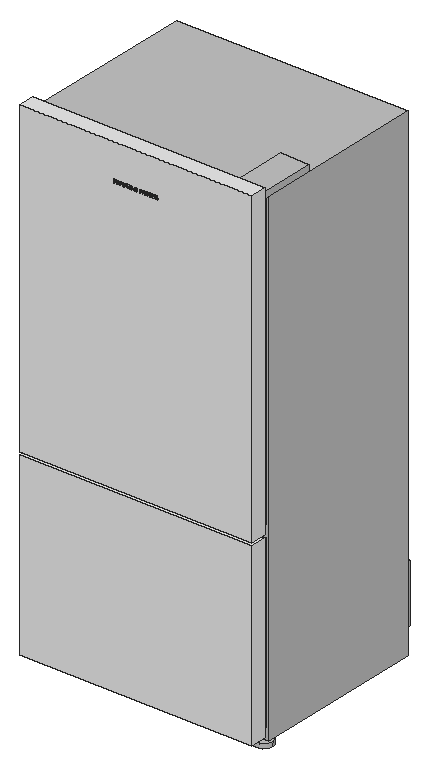
Revit family "FP_Revit_18_RF522BRPW6_Fridge_90001145A", category Specialty Equipment, Revit 2018
Family settings
  Round Connector Dimension = Use Diameter
  Part Type = Normal
  OmniClass Number = 23.40.40.11.11.17
  OmniClass Title = Refrigerator-Freezer
  Work Plane-Based = No
  Always vertical = Yes
  Cut with Voids When Loaded = Yes
  Shared = No
  Room Calculation Point = No
Parameters (values of type "RF522B RPW6")
  Visibility - Clearance Required = yes
  URL = "www.fisherpaykel.com"
  Product - Width = 790 mm  # constant formula
  Product - Height = 1720 mm  # constant formula
  Product - Depth = 695 mm  # constant formula
  Model = "RF522BRPW6"
  Material - Door Structure = Fisher & Paykel - White
  Material - Door Front = Fisher & Paykel - White
  Material - Body = Fisher & Paykel - Grey
  Manufacturer = "Fisher & Paykel Appliances"
  Description = "79cm Freestanding Refrigerator with Bottom Freezer (White)"
  Connector Description - Water = "No water connection required"
  Connector Description - Electrical = "230 V, 10 A, fused electrical supply"
  Chassis - Width = 790 mm  # constant formula
  Chassis - Height = 1662 mm  # constant formula
  Chassis - Depth = 625 mm  # constant formula
  Cavity - Width = 830 mm  # constant formula
  Cavity - Height = 1735 mm  # constant formula
  Cavity - Depth = 625 mm  # constant formula
Reference planes
  plane 1 "Datum": y = 0
  plane 2: z = 0
  plane 3 "Center (Left/Right)": x = 0
  plane 4 "Product LHS": x = -395
  plane 5 "Product RHS": x = 395
  plane 6 "Product - Depth": y = 625
  plane 7 "Cavity LHS": x = -415
  plane 8 "Cavity RHS": x = 415
  plane 9 "Cavity - Depth": y = 625
  plane 10 "Product Height": z = 1720
  plane 11 "Cavity Height": z = 1735
  plane 12 "Door Panel Front": y = -70
Forms (mm)
  Extrusion 1, solid, material "Fisher & Paykel - Grey" <- "Material - Body"
    sketch origin (0, 0, 0) x (0, 1, 0) y (0, 0, 1)
      loop
        line (0, 24) -> (595, 24) -> (595, 1686) -> (0, 1686) -> (0, 24)
    from -395 to 395
  Extrusion 2, solid, material "Fisher & Paykel - Grey" <- "Material - Body"
    sketch origin (0, 0, 0) x (1, 0, 0) y (0, 1, 0)
      loop
        circle (-365, 18.6) r 4.9
      loop
        circle (365, 18.6) r 4.9
    from 14 to 24
  Extrusion 3, solid, material "Fisher & Paykel - Grey" <- "Material - Body"
    sketch origin (0, 0, 0) x (1, 0, 0) y (0, 1, 0)
      loop
        circle (-365, 18.6) r 30
      loop
        circle (365, 18.6) r 30
    from 0 to 14
  Extrusion 4, solid, material "Fisher & Paykel - Grey" <- "Material - Body"
    sketch origin (0, 0, 0) x (1, 0, 0) y (0, 0, 1)
      loop
        circle (355.042, 69) r 5
      loop
        circle (305.042, 69) r 5
    from -615 to -595
  Extrusion 5, solid, material "Fisher & Paykel - White" <- "Material - Door Structure"
    sketch origin (0, 0, 0) x (1, 0, 0) y (0, 1, 0)
      loop
        line (-387, 0) -> (-387, -15) -> (387, -15) -> (387, 0) -> (-387, 0)
    from 682 to 1680
  Extrusion 6, solid, material "Fisher & Paykel - White" <- "Material - Door Front"
    sketch origin (0, 0, 0) x (1, 0, 0) y (0, 1, 0)
      loop
        line (-395, -15) -> (-395, -70) -> (395, -70) -> (395, -15) -> (-395, -15)
    from 660 to 1720
  Extrusion 7, solid, material "Fisher & Paykel - Grey" <- "Material - Body", detail levels fine
    sketch origin (0, 0, -4) x (0, 1, 0) y (0, 0, 1)
      loop
        arc (62.091, 28) -> (87.5, 4) -> (112.909, 28) r 25.45
        line (112.909, 28) -> (62.091, 28)
      loop
        arc (503.639, 28) -> (529.047, 4) -> (554.456, 28) r 25.45
        line (554.456, 28) -> (503.639, 28)
    from 325.45 to 342.5
  Extrusion 8, solid, material "Fisher & Paykel - Clearance Required", visible <- "Visibility - Clearance Required", detail levels coarse
    sketch origin (0, 0, 0) x (1, 0, 0) y (0, 1, 0)
      loop
        line (-415, 625) -> (-415, -70) -> (530, -70) -> (530, 0) -> (415, 0) -> (415, 625) -> (-415, 625)
    from 0 to 1735
  Extrusion 9, void
    sketch origin (0, 0, 0) x (1, 0, 0) y (0, 1, 0)
      loop
        line (-415, 625) -> (-415, -70) -> (530, -70) -> (530, 0) -> (415, 0) -> (415, 625) -> (-415, 625)
    from 0 to 1735
  Extrusion 10, solid, material "Fisher & Paykel - White" <- "Material - Door Front"
    sketch origin (0, 0, 0) x (1, 0, 0) y (0, 1, 0)
      loop
        line (-395, -15) -> (-395, -70) -> (395, -70) -> (395, -15) -> (-395, -15)
    from 40 to 650
  Extrusion 11, solid, material "Fisher & Paykel - White" <- "Material - Door Structure"
    sketch origin (0, 0, 0) x (1, 0, 0) y (0, 1, 0)
      loop
        line (-387, 0) -> (-387, -15) -> (387, -15) -> (387, 0) -> (-387, 0)
    from 62 to 642
  Extrusion 12, solid, material "Fisher & Paykel - Grey" <- "Material - Body"
    sketch origin (229.237, 0, 0) x (0, 1, 0) y (0, 0, 1)
      loop
        line (595, 324) -> (595, 94) -> (625, 94) -> (625, 294) -> (595, 324)
    from -604.237 to 145.763
  Extrusion 13, solid, material "Fisher & Paykel - Grey" <- "Material - Body"
    sketch origin (0, 0, 0) x (0, 1, 0) y (0, 0, 1)
      loop
        line (595, 94) -> (595, 24) -> (625, 24) -> (625, 94) -> (595, 94)
    from -375 to 280
  Extrusion 14, solid, material "Fisher & Paykel - Grey" <- "Material - Body", detail levels fine
    sketch origin (0, 0, -4) x (0, 1, 0) y (0, 0, -1)
      loop
        line (62.091, -28) -> (112.909, -28)
        arc (112.909, -28) -> (87.5, -4) -> (62.091, -28) r 25.45
      loop
        line (503.639, -28) -> (554.456, -28)
        arc (554.456, -28) -> (529.047, -4) -> (503.639, -28) r 25.45
    from 325.45 to 342.5
  Extrusion 15, solid, material "Fisher & Paykel - Grey" <- "Material - Body"
    sketch origin (0, 0, 0) x (1, 0, 0) y (0, 1, 0)
      loop
        line (296.4, 174) -> (296.4, -15) -> (393.4, -15) -> (393.4, 174) -> (296.4, 174)
    from 1686 to 1708
  Extrusion 16, solid, material "Fisher & Paykel - Clearance Required", visible <- "Visibility - Clearance Required", detail levels coarse
    sketch origin (0, 0, 0) x (1, 0, 0) y (0, 1, 0)
      loop
        arc (-395, -70) -> (135.432, -761.124) -> (975.827, -531.456) r 781.226
        line (975.827, -531.456) -> (460.698, -70) -> (-395, -70)
    from 0 to 1735
  Extrusion 17, void
    sketch origin (0, 0, 0) x (1, 0, 0) y (0, 0, 1)
      loop
        line (-395, 605.451) -> (-395, 355.726)
        arc (-395, 355.726) -> (-376.652, 375.604) -> (-370, 401.823) r 54.999
        line (-370, 401.823) -> (-370, 559.354)
        arc (-370, 559.354) -> (-376.652, 585.574) -> (-395, 605.451) r 55
      loop
        line (-395, 1099.999) -> (-395, 706.001)
        arc (-395, 706.001) -> (-376.652, 725.878) -> (-370, 752.098) r 54.999
        line (-370, 752.098) -> (-370, 1053.902)
        arc (-370, 1053.902) -> (-376.652, 1080.122) -> (-395, 1099.999) r 55
    from 29 to 56
Cuts and joins
  joined: Extrusion 12, Extrusion 13
  Extrusion 17 cuts Extrusion 1
  Extrusion 17 cuts Extrusion 5
  Extrusion 17 cuts Extrusion 6
  Extrusion 17 cuts Extrusion 10
  Extrusion 17 cuts Extrusion 11
  Extrusion 17 cuts Extrusion 16
Text (mm)
  text "Due to ongoing product development, product details are subject to change without notice. \nPlease always refer to www.fisherpaykel.com for the most current product information. \n© Fisher & Paykel 2020" at (41.04, -848.295, 0), in view "Ref. Level (Plan)"
Dimensions and locks
  equal spacing: plane 4 "Product LHS", plane 3 "Center (Left/Right)", plane 5 "Product RHS"
  "Product - Width": plane 4 "Product LHS" to plane 5 "Product RHS"
  "Cavity - Depth": plane 1 "Datum" to plane 6 "Product - Depth"
  equal spacing: plane 7 "Cavity LHS", plane 3 "Center (Left/Right)", plane 8 "Cavity RHS"
  "Cavity - Width": plane 7 "Cavity LHS" to plane 8 "Cavity RHS"
  "Chassis - Depth": plane 9 "Cavity - Depth" to plane 1 "Datum"
  Extrusion 4 sketch curve to plane 5 "Product RHS" = 39.958 mm
  Extrusion 3 to level = 14 mm
  "Product - Height": level to plane 10 "Product Height"
  Extrusion 1 sketch curve to plane 10 "Product Height" = 34 mm
  "Cavity - Height": plane 11 "Cavity Height" to level
  "Chassis - Depth": plane 1 "Datum" to plane 9 "Cavity - Depth"
  "Chassis - Depth": plane 1 "Datum" to cut or joined group of Extrusion 12, Extrusion 13
  plane 1 "Datum" to Extrusion 8 = 625 mm
  "Product - Depth": Extrusion 9 to cut or joined group of Extrusion 16, Extrusion 17
  nested 1 to level = 1596 mm
  "Chassis - Height": cut or joined group of Extrusion 1, Extrusion 17 to cut or joined group of Extrusion 1, Extrusion 17
  "Chassis - Width": cut or joined group of Extrusion 1, Extrusion 17 to cut or joined group of Extrusion 1, Extrusion 17
  aligned and locked: level to plane 2
  aligned and locked: Extrusion 1 to plane 5 "Product RHS"
  aligned and locked: plane 4 "Product LHS" to Extrusion 1
  aligned and locked: Extrusion 6 sketch curve to plane 4 "Product LHS"
  aligned and locked: plane 5 "Product RHS" to Extrusion 6 sketch curve
  aligned and locked: Extrusion 1 sketch curve to plane 1 "Datum"
  aligned and locked: Extrusion 13 sketch curve to plane 6 "Product - Depth"
  aligned and locked: Extrusion 4 to Extrusion 1
  aligned and locked: Extrusion 15 to Extrusion 1
  aligned and locked: plane 4 "Product LHS" to Extrusion 17 sketch curve  (x2)
  aligned and locked: Extrusion 9 to Extrusion 8
Automatic sketch dimensions
  Extrusion 1 sketch curve to plane 6 "Product - Depth" = 30 mm
  level to Extrusion 1 sketch curve = 24 mm
  plane 1 "Datum" to Extrusion 5 sketch curve = 0 mm
  Extrusion 5 sketch curve to plane 4 "Product LHS" = 8 mm
  plane 5 "Product RHS" to Extrusion 5 sketch curve = 8 mm
  plane 1 "Datum" to Extrusion 5 sketch curve = 15 mm
  plane 1 "Datum" to Extrusion 6 sketch curve = 70 mm
  plane 1 "Datum" to Extrusion 6 sketch curve = 15 mm
  level to Extrusion 7 sketch curve = 24 mm  (x2)
  Extrusion 7 sketch curve to plane 1 "Datum" = 62.091 mm
  Extrusion 7 sketch curve to Extrusion 7 sketch curve = 25.409 mm  (x2)
  Extrusion 7 sketch curve to plane 6 "Product - Depth" = 121.361 mm
  Extrusion 7 sketch curve to Extrusion 7 sketch curve = 1.45 mm  (x2)
  Extrusion 10 sketch curve to plane 4 "Product LHS" = 0 mm
  Extrusion 10 sketch curve to plane 5 "Product RHS" = 0 mm
  plane 1 "Datum" to Extrusion 10 sketch curve = 70 mm
  plane 1 "Datum" to Extrusion 10 sketch curve = 15 mm
  plane 1 "Datum" to Extrusion 11 sketch curve = 0 mm
  Extrusion 11 sketch curve to plane 4 "Product LHS" = 8 mm
  plane 5 "Product RHS" to Extrusion 11 sketch curve = 8 mm
  plane 1 "Datum" to Extrusion 11 sketch curve = 15 mm
  Extrusion 13 sketch curve to Extrusion 13 sketch curve = 30 mm
  level to Extrusion 13 sketch curve = 24 mm
  Extrusion 13 sketch curve to Extrusion 13 sketch curve = 70 mm
  level to Extrusion 14 sketch curve = 24 mm  (x2)
  Extrusion 14 sketch curve to plane 1 "Datum" = 62.091 mm
  Extrusion 14 sketch curve to Extrusion 14 sketch curve = 25.409 mm  (x2)
  Extrusion 14 sketch curve to plane 6 "Product - Depth" = 121.361 mm
  level to Extrusion 14 sketch curve = 25.45 mm
  Extrusion 14 sketch curve to Extrusion 14 sketch curve = 1.45 mm
  Extrusion 3 sketch curve to plane 4 "Product LHS" = 30 mm
  plane 5 "Product RHS" to Extrusion 3 sketch curve = 30 mm
  Extrusion 3 sketch curve to plane 1 "Datum" = 18.6 mm  (x2)
  Extrusion 2 sketch curve to plane 4 "Product LHS" = 30 mm
  plane 5 "Product RHS" to Extrusion 2 sketch curve = 30 mm
  Extrusion 2 sketch curve to plane 1 "Datum" = 18.6 mm  (x2)
  Extrusion 12 sketch curve to plane 6 "Product - Depth" = 30 mm
  Extrusion 12 sketch curve to plane 6 "Product - Depth" = 0 mm
  level to Extrusion 12 sketch curve = 94 mm
  Extrusion 12 sketch curve to Extrusion 12 sketch curve = 200 mm
  Extrusion 12 sketch curve to Extrusion 12 sketch curve = 30 mm
  Extrusion 4 sketch curve to Extrusion 4 sketch curve = 50 mm
  level to Extrusion 4 sketch curve = 69 mm
  Extrusion 4 sketch curve to Extrusion 4 sketch curve = 0 mm
  Extrusion 16 sketch curve to plane 7 "Cavity LHS" = 20 mm
  plane 5 "Product RHS" to Extrusion 16 sketch curve = 10.329 mm
  plane 1 "Datum" to Extrusion 16 sketch curve = 531.456 mm
  plane 1 "Datum" to Extrusion 16 sketch curve = 70 mm
  plane 1 "Datum" to Extrusion 16 sketch curve = 20.723 mm
  Extrusion 16 sketch curve to plane 8 "Cavity RHS" = 45.698 mm
  Extrusion 9 sketch curve to plane 6 "Product - Depth" = 0 mm
  Extrusion 9 sketch curve to plane 7 "Cavity LHS" = 0 mm
  Extrusion 9 sketch curve to plane 8 "Cavity RHS" = 0 mm
  plane 1 "Datum" to Extrusion 9 sketch curve = 0 mm
  Extrusion 9 sketch curve to Extrusion 9 sketch curve = 115 mm
  plane 1 "Datum" to Extrusion 9 sketch curve = 70 mm
  plane 7 "Cavity LHS" to Extrusion 17 sketch curve = 9.999 mm  (x2)
  plane 7 "Cavity LHS" to Extrusion 17 sketch curve = 10 mm  (x2)
  Extrusion 17 sketch curve to plane 4 "Product LHS" = 25 mm  (x2)
  level to Extrusion 17 sketch curve = 355.726 mm
  Extrusion 17 sketch curve to Extrusion 17 sketch curve = 157.531 mm
  Extrusion 17 sketch curve to Extrusion 17 sketch curve = 100.549 mm
  Extrusion 17 sketch curve to Extrusion 17 sketch curve = 301.804 mm
  plane 5 "Product RHS" to Extrusion 15 sketch curve = 98.6 mm
  plane 5 "Product RHS" to Extrusion 15 sketch curve = 1.6 mm
  plane 1 "Datum" to Extrusion 15 sketch curve = 15 mm
  Extrusion 15 sketch curve to plane 1 "Datum" = 174 mm
  Extrusion 8 sketch curve to plane 6 "Product - Depth" = 0 mm
  Extrusion 8 sketch curve to plane 7 "Cavity LHS" = 0 mm
  Extrusion 8 sketch curve to plane 8 "Cavity RHS" = 0 mm
  plane 1 "Datum" to Extrusion 8 sketch curve = 0 mm
  plane 1 "Datum" to Extrusion 8 sketch curve = 70 mm
  Extrusion 8 sketch curve to plane 8 "Cavity RHS" = 115 mm
  radius of Extrusion 3 sketch curve = 30 mm  (x2)
  radius of Extrusion 2 sketch curve = 4.9 mm  (x2)
  radius of Extrusion 4 sketch curve = 5 mm  (x2)
Nested families
  nested 1: "F&P Logo 150mm" at (0, -70, 1596), type "F&P Logo 150mm"
Connectors
  electrical at (355.042, 615, 69), driven by "Connector Description - Electrical"
    settings: on Extrusion 4, index 2, voltage 230 V, apparent load 0 VA, apparent load phase1 0 VA, apparent load phase2 0 VA, apparent load phase3 0 VA, power factor 1, load classification "Other", number of poles 1, system type 30, power factor state 1, is connector primary yes, connector utility no, sub classification motor no, connector description "230 V, 10 A, fused electrical supply"
Definition of nested family "F&P Logo 150mm"
  Parameters (values of type "F&P Logo 150mm")
    URL = "www.fisherpaykel.com"
    Material - Logo = none
    Manufacturer = "Fisher & Paykel Appliances"
  Reference planes
    plane 1 "Center (Front/Back)": y = 0
    plane 2: z = 0
    plane 3 "Center (Left/Right)": x = 0
  Forms (mm)
    Extrusion 1, solid, material <- "Material - Logo", detail levels fine
      sketch origin (0, 0, 0) x (1, 0, 0) y (0, 0, 1)
        loop
          line (-74.994, 0) -> (-72.633, 0) -> (-72.633, 3.207) -> (-68.944, 3.207) -> (-68.944, 5.208) -> (-72.633, 5.208) -> (-72.633, 7.068) -> (-68.62, 7.068) -> (-68.62, 9.06) -> (-74.994, 9.06) -> (-74.994, 0)
        loop
          line (-64.134, 9.06) -> (-64.134, 0) -> (-61.773, 0) -> (-61.773, 9.06) -> (-64.134, 9.06)
        loop
          line (-46.015, 9.06) -> (-46.015, 0) -> (-43.654, 0) -> (-43.654, 3.63) -> (-40.187, 3.63) -> (-40.187, 0) -> (-37.826, 0) -> (-37.826, 9.06) -> (-40.187, 9.06) -> (-40.187, 5.622) -> (-43.654, 5.622) -> (-43.654, 9.06) -> (-46.015, 9.06)
        loop
          line (-32.787, 9.06) -> (-32.787, 0) -> (-26.332, 0) -> (-26.332, 1.992) -> (-30.448, 1.992) -> (-30.448, 3.63) -> (-26.686, 3.63) -> (-26.686, 5.622) -> (-30.448, 5.622) -> (-30.448, 7.068) -> (-26.332, 7.068) -> (-26.332, 9.06) -> (-32.787, 9.06)
        loop
          line (68.572, 9.06) -> (68.572, 0) -> (75.006, 0) -> (75.006, 1.992) -> (70.933, 1.992) -> (70.933, 9.06) -> (68.572, 9.06)
        loop
          line (63.719, 9.06) -> (57.241, 9.06) -> (57.241, 0) -> (63.719, 0) -> (63.719, 1.992) -> (59.602, 1.992) -> (59.602, 3.63) -> (63.364, 3.63) -> (63.364, 5.622) -> (59.602, 5.622) -> (59.602, 7.068) -> (63.719, 7.068) -> (63.719, 9.06)
        loop
          line (50.248, 4.722) -> (53.597, 9.06) -> (50.837, 9.06) -> (47.945, 5.313) -> (47.945, 9.06) -> (45.585, 9.06) -> (45.585, 0) -> (47.945, 0) -> (47.945, 4.058) -> (50.926, 0) -> (53.716, 0) -> (50.248, 4.722)
        loop
          line (33.043, 9.06) -> (36.466, 3.63) -> (36.466, 0) -> (38.827, 0) -> (38.827, 3.511) -> (42.25, 9.06) -> (39.742, 9.06) -> (37.721, 5.561) -> (35.701, 9.06) -> (33.043, 9.06)
        loop
          line (27.79, 9.06) -> (25.547, 9.06) -> (21.858, 0) -> (24.175, 0) -> (24.824, 1.668) -> (28.454, 1.668) -> (29.103, 0) -> (31.479, 0) -> (27.79, 9.06)
        loop
          line (27.671, 3.659) -> (26.612, 6.261) -> (25.599, 3.659) -> (27.671, 3.659)
        loop
          line (12.119, 9.06) -> (12.119, 0) -> (14.48, 0) -> (14.48, 2.907) -> (15.971, 2.907)
          arc (15.971, 2.907) -> (19.048, 5.983) -> (15.971, 9.06) r 3.077
          line (15.971, 9.06) -> (12.119, 9.06)
        loop
          line (14.48, 7.068) -> (14.48, 4.796) -> (15.824, 4.796)
          arc (15.824, 4.796) -> (16.96, 5.932) -> (15.824, 7.068) r 1.136
          line (15.824, 7.068) -> (14.48, 7.068)
        loop
          line (-17.602, 9.06) -> (-21.477, 9.06) -> (-21.477, 0) -> (-19.116, 0) -> (-19.116, 2.522) -> (-18.311, 2.522) -> (-16.387, 0) -> (-13.657, 0) -> (-15.969, 2.959)
          arc (-15.969, 2.959) -> (-14.445, 6.636) -> (-17.602, 9.06) r 3.269
        loop
          line (-17.774, 7.068) -> (-19.116, 7.068) -> (-19.116, 4.579) -> (-17.774, 4.579)
          arc (-17.774, 4.579) -> (-16.529, 5.823) -> (-17.774, 7.068) r 1.244
        loop
          line (0.788, 7.068) -> (0.788, 9.229) -> (-5.291, 9.229) -> (-5.291, 7.276) -> (-4.389, 6.167)
          arc (-4.389, 6.167) -> (-5.193, 1.025) -> (0.005, 0.768) r 3.5
          line (0.005, 0.768) -> (0.63, 0) -> (3.308, 0) -> (1.362, 2.391) -> (3.12, 4.924) -> (0.694, 4.924) -> (0.053, 4) -> (-2.443, 7.068) -> (0.788, 7.068)
        loop
          arc (-3.116, 4.603) -> (-3.331, 2.502) -> (-1.23, 2.286) r 1.493
          line (-1.23, 2.286) -> (-3.116, 4.603)
        loop
          line (-52.698, 5.451) -> (-54.701, 5.866)
          arc (-54.701, 5.866) -> (-55.501, 6.665) -> (-54.701, 7.465) r 0.799
          arc (-54.701, 7.465) -> (-52.78, 7.185) -> (-51.017, 6.371) r 6.757
          line (-51.017, 6.371) -> (-51.017, 8.615)
          arc (-51.017, 8.615) -> (-53.252, 9.269) -> (-55.578, 9.164) r 7.089
          arc (-55.578, 9.164) -> (-57.732, 6.502) -> (-55.578, 3.841) r 2.721
          line (-55.578, 3.841) -> (-53.559, 3.423)
          arc (-53.559, 3.423) -> (-52.76, 2.623) -> (-53.559, 1.824) r 0.799
          arc (-53.559, 1.824) -> (-55.481, 2.103) -> (-57.244, 2.917) r 6.757
          line (-57.244, 2.917) -> (-57.244, 0.674)
          arc (-57.244, 0.674) -> (-55.009, 0.02) -> (-52.682, 0.125) r 7.089
          arc (-52.682, 0.125) -> (-50.529, 2.795) -> (-52.698, 5.451) r 2.721
      from 0 to 0.8
  Dimensions and locks
    aligned and locked: level to plane 2
